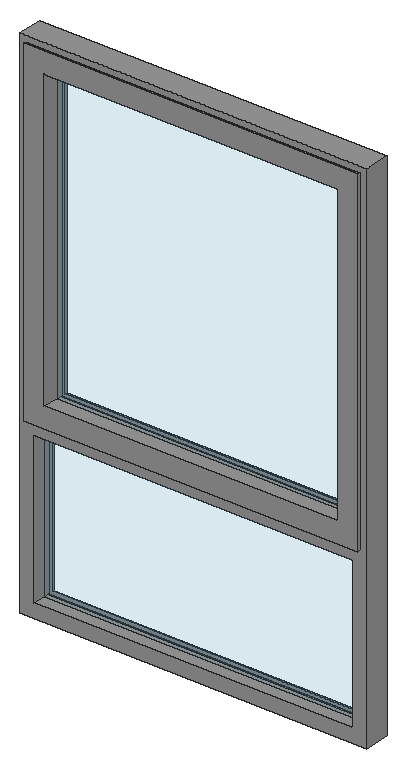
Revit family "Kawneer_Window_GT70s_Pos002", category Windows, host Wall, Revit 2020 (continued)
Definition of nested family "Kawneer_GT70s_Pos002"
  Definition of nested family "Kawneer_GT70s_Jamb2"
    Lines and regions (mm)
      model lines, in view "Ref. Level", detail levels fine
        curve 989: line (-33.915, -69.358, 0) -> (-34.458, -68.815, 0)
        curve 990: line (-34.598, -67.912, 0) -> (-35.361, -67.912, 0)
        curve 991: line (-35.361, -67.912, 0) -> (-37.261, -66.012, 0)
        curve 992: line (-37.383, -68.012, 0) -> (-39.383, -66.012, 0)
        curve 993: line (-39.383, -66.012, 0) -> (-32.398, -66.012, 0)
        curve 994: line (-39.356, -68.16, 0) -> (-40.717, -66.799, 0)
        curve 995: line (-39.227, -70.41, 0) -> (-41.866, -67.771, 0)
        curve 996: line (-39.802, -71.956, 0) -> (-40.887, -70.872, 0)
        curve 997: line (-38.511, -66.012, 0) -> (-42.124, -69.634, 0)
        curve 998: line (-42.124, -69.634, 0) -> (-44.203, -67.555, 0)
        curve 999: line (-44.203, -67.555, 0) -> (-45.404, -68.662, 0)
        curve 1000: line (-45.147, -68.733, 0) -> (-46.532, -67.348, 0)
        curve 1001: line (-46.532, -67.348, 0) -> (-41.433, -67.81, 0)
        curve 1002: line (-46.94, -68.077, 0) -> (-46.238, -67.374, 0)
        curve 1003: line (-43.738, -69.117, 0) -> (-42.348, -67.727, 0)
        curve 1004: line (-41.022, -70.644, 0) -> (-39.344, -68.966, 0)
        curve 1005: line (-40.096, -71.839, 0) -> (-39.185, -70.929, 0)
        curve 1006: line (-34.883, -70.512, 0) -> (-36.402, -68.993, 0)
        curve 1007: line (-36.398, -69.112, 0) -> (-36.431, -68.174, 0)
        curve 1008: line (-36.431, -68.174, 0) -> (-34.268, -66.012, 0)
        curve 1009: line (-36.342, -70.207, 0) -> (-35.49, -69.354, 0)
        curve 1010: line (-35.49, -69.354, 0) -> (-35.597, -68.129, 0)
        curve 1011: line (-34.512, -69.429, 0) -> (-34.411, -68.276, 0)
        curve 1012: line (-34.411, -68.276, 0) -> (-32.165, -66.03, 0)
        curve 1013: line (-34.526, -70.512, 0) -> (-33.189, -69.175, 0)
        curve 1014: line (-32.026, -68.012, 0) -> (-30.995, -66.981, 0)
        curve 1015: line (-35.284, -69.612, 0) -> (-34.711, -69.612, 0)
        curve 1016: line (-33.598, -68.312, 0) -> (-33.598, -69.112, 0)
        curve 1017: line (-33.598, -69.112, 0) -> (-32.948, -69.212, 0)
        curve 1018: line (-32.948, -69.212, 0) -> (-32.948, -69.626, 0)
        curve 1019: line (-32.948, -69.626, 0) -> (-34.003, -70.512, 0)
        curve 1020: line (-34.003, -70.512, 0) -> (-35.974, -70.512, 0)
        curve 1021: line (-35.974, -70.512, 0) -> (-36.684, -69.924, 0)
        curve 1022: line (-36.698, -68.012, 0) -> (-39.097, -68.012, 0)
        curve 1023: line (-39.396, -68.336, 0) -> (-39.098, -72.012, 0)
        curve 1024: line (-39.098, -72.012, 0) -> (-39.397, -72.012, 0)
        curve 1025: line (-42.745, -69.388, 0) -> (-46.628, -68.329, 0)
        curve 1026: line (-30.898, -68.012, 0) -> (-33.298, -68.012, 0)
        curve 1027: line (-61.7, 8, 0) -> (-75.5, 8, 0)
        curve 1028: line (-76, 7.5, 0) -> (-76, -31.4, 0)
        curve 1029: line (-75.5, -31.9, 0) -> (-74.2, -31.9, 0)
        curve 1030: line (-73.7, -31.4, 0) -> (-73.7, -30.9, 0)
        curve 1031: line (-74.8, -29.9, 0) -> (-74.8, -6.7, 0)
        curve 1032: line (-74.3, -6.2, 0) -> (-58.85, -6.2, 0)
        curve 1033: line (-58.709, -6.541, 0) -> (-59.391, -7.224, 0)
        curve 1034: line (-59.391, -7.224, 0) -> (-59.45, -7.6, 0)
        curve 1035: line (-59.25, -7.8, 0) -> (-58.784, -7.8, 0)
        curve 1036: line (-58.534, -7.733, 0) -> (-56.903, -6.792, 0)
        curve 1037: line (-57.356, -5.1, 0) -> (-73.744, -5.1, 0)
        curve 1038: line (-74.744, -4.082, 0) -> (-74.576, 5.08, 0)
        curve 1039: line (-73.078, 6.5, 0) -> (-64.933, 6.5, 0)
        curve 1040: line (-64.5, 6.25, 0) -> (-62.97, 3.6, 0)
        curve 1041: line (-61.238, 2.6, 0) -> (-58.559, 2.6, 0)
        curve 1042: line (-58.205, 3.454, 0) -> (-58.764, 4.012, 0)
        curve 1043: line (-59.566, 3.8, 0) -> (-61.123, 3.8, 0)
        curve 1044: line (-61.989, 4.3, 0) -> (-62.999, 6.05, 0)
        curve 1045: line (-62.566, 6.8, 0) -> (-61.4, 6.8, 0)
        curve 1046: line (-61.2, 7, 0) -> (-61.2, 7.5, 0)
        curve 1047: line (-69.098, -65, 0) -> (-73.749, -69.651, 0)
        curve 1048: line (-72.119, -65.9, 0) -> (-74.219, -68, 0)
        curve 1049: line (-74.06, -65.148, 0) -> (-73.939, -65.599, 0)
        curve 1050: line (-73.939, -65.599, 0) -> (-75.836, -67.495, 0)
        curve 1051: line (-75.462, -65, 0) -> (-76.104, -65.642, 0)
        curve 1052: line (-74.902, -65, 0) -> (-70.251, -69.651, 0)
        curve 1053: line (-71.881, -65.9, 0) -> (-69.781, -68, 0)
        curve 1054: line (-69.94, -65.148, 0) -> (-70.061, -65.599, 0)
        curve 1055: line (-70.061, -65.599, 0) -> (-68.164, -67.495, 0)
        curve 1056: line (-68.538, -65, 0) -> (-67.896, -65.642, 0)
        curve 1057: line (-73.914, -69.415, 0) -> (-73.494, -70.015, 0)
        curve 1058: line (-73.33, -70.1, 0) -> (-72.765, -70.1, 0)
        curve 1059: line (-72.592, -70, 0) -> (-72.173, -69.274, 0)
        curve 1060: line (-71.827, -69.274, 0) -> (-71.408, -70, 0)
        curve 1061: line (-71.235, -70.1, 0) -> (-70.67, -70.1, 0)
        curve 1062: line (-70.506, -70.015, 0) -> (-70.086, -69.415, 0)
        curve 1063: line (-68.211, -67.817, 0) -> (-67.835, -65.217, 0)
        curve 1064: line (-68.034, -65, 0) -> (-69.747, -65, 0)
        curve 1065: line (-70.295, -65.9, 0) -> (-73.706, -65.9, 0)
        curve 1066: line (-74.253, -65, 0) -> (-75.966, -65, 0)
        curve 1067: line (-76.165, -65.217, 0) -> (-75.789, -67.817, 0)
        curve 1068: line (-67.73, -35.602, 0) -> (-69.021, -37.005, 0)
        curve 1069: line (-69.021, -37.005, 0) -> (-73.669, -32.005, 0)
        curve 1070: line (-69.834, -33.277, 0) -> (-71.692, -35.297, 0)
        curve 1071: line (-72.411, -31.466, 0) -> (-75.357, -34.668, 0)
        curve 1072: line (-75.357, -34.668, 0) -> (-74.061, -36.19, 0)
        curve 1073: line (-75.827, -35.18, 0) -> (-77.507, -37.005, 0)
        curve 1074: line (-77.507, -37.005, 0) -> (-78.826, -35.622, 0)
        curve 1075: line (-75.028, -32.005, 0) -> (-77.687, -34.896, 0)
        curve 1076: line (-78.002, -35.238, 0) -> (-79.562, -36.934, 0)
        curve 1077: line (-76.112, -30.877, 0) -> (-78.428, -33.395, 0)
        curve 1078: line (-79.278, -35.131, 0) -> (-78.981, -35.453, 0)
        curve 1079: line (-78.525, -33.644, 0) -> (-77.494, -34.765, 0)
        curve 1080: line (-78.02, -31.887, 0) -> (-76.304, -33.752, 0)
        curve 1081: line (-77.381, -30.276, 0) -> (-72.925, -35.119, 0)
        curve 1082: line (-71.833, -31.694, 0) -> (-67.1, -36.839, 0)
      detail lines, in view "Ref. Level", detail levels coarse+medium
        curve 1083: line (0, -72, 0) -> (0, 0, 0)
        curve 1084: line (0, 0, 0) -> (-18, 0, 0)
        curve 1085: line (-18, 0, 0) -> (-18, 8, 0)
        curve 1086: line (-18, 8, 0) -> (-76, 8, 0)
        curve 1087: line (-76, 8, 0) -> (-76, -37, 0)
        curve 1088: line (-76, -37, 0) -> (-66.998, -37, 0)
        curve 1089: line (-66.998, -37, 0) -> (-66.998, -65, 0)
        curve 1090: line (-66.998, -65, 0) -> (-76, -65, 0)
        curve 1091: line (-76, -65, 0) -> (-76, -72, 0)
        curve 1092: line (-76, -72, 0) -> (0, -72, 0)
  Definition of nested family "Kawneer_GT70s_JambFixed"
    Reference planes
      plane 1 "Center (Front/Back)": y = 0
      plane 2: z = 0
      plane 3 "Center (Left/Right)": x = 0
      plane 4: x = -39
      plane 5: x = -29
      plane 6: y = -37
      plane 7: y = -65
      plane 8: y = -72
    Lines and regions (mm)
      model lines, in view "Ref. Level", detail levels fine
        curve 1: arc (-15.5, -1.4, 0) -> (-15.641, -1.459, 0) -> (-15.7, -1.6, 0) r 0.2
        curve 2: arc (-15.7, -1.6, 0) -> (-15.759, -1.741, 0) -> (-15.9, -1.8, 0) r 0.2
        curve 3: arc (-17, -1.8, 0) -> (-17.141, -1.859, 0) -> (-17.2, -2, 0) r 0.2
        curve 4: arc (-17.2, -3.013, 0) -> (-17.259, -3.154, 0) -> (-17.4, -3.213, 0) r 0.2
        curve 5: arc (-17.4, -3.213, 0) -> (-17.541, -3.271, 0) -> (-17.6, -3.413, 0) r 0.2
        curve 6: arc (-17.6, -15.2, 0) -> (-17.541, -15.341, 0) -> (-17.4, -15.4, 0) r 0.2
        curve 7: arc (-17.4, -15.4, 0) -> (-17.259, -15.459, 0) -> (-17.2, -15.6, 0) r 0.2
        curve 8: arc (-17.2, -16.5, 0) -> (-17.141, -16.641, 0) -> (-17, -16.7, 0) r 0.2
        curve 9: arc (-16.273, -16.7, 0) -> (-16.173, -16.727, 0) -> (-16.1, -16.8, 0) r 0.2
        curve 10: arc (-16.1, -16.8, 0) -> (-16.027, -16.873, 0) -> (-15.927, -16.9, 0) r 0.2
        curve 11: arc (-8.073, -16.9, 0) -> (-7.973, -16.873, 0) -> (-7.9, -16.8, 0) r 0.2
        curve 12: arc (-7.9, -16.8, 0) -> (-7.827, -16.727, 0) -> (-7.727, -16.7, 0) r 0.2
        curve 13: arc (-7, -16.7, 0) -> (-6.859, -16.641, 0) -> (-6.8, -16.5, 0) r 0.2
        curve 14: arc (-6.8, -15.6, 0) -> (-6.741, -15.459, 0) -> (-6.6, -15.4, 0) r 0.2
        curve 15: arc (-6.6, -15.4, 0) -> (-6.459, -15.341, 0) -> (-6.4, -15.2, 0) r 0.2
        curve 16: arc (-6.4, -3.413, 0) -> (-6.459, -3.271, 0) -> (-6.6, -3.213, 0) r 0.2
        curve 17: arc (-6.6, -3.213, 0) -> (-6.741, -3.154, 0) -> (-6.8, -3.013, 0) r 0.2
        curve 18: arc (-6.8, -2, 0) -> (-6.859, -1.859, 0) -> (-7, -1.8, 0) r 0.2
        curve 19: arc (-8.1, -1.8, 0) -> (-8.241, -1.741, 0) -> (-8.3, -1.6, 0) r 0.2
        curve 20: arc (-8.3, -1.6, 0) -> (-8.359, -1.459, 0) -> (-8.5, -1.4, 0) r 0.2
        curve 21: arc (-0.5, 0, 0) -> (-0.146, -0.146, 0) -> (0, -0.5, 0) r 0.5
        curve 22: arc (0, -2.342, 0) -> (-0.333, -3.447, 0) -> (-1.222, -4.184, 0) r 2
        curve 23: arc (-1.222, -4.184, 0) -> (-1.411, -4.167, 0) -> (-1.5, -4, 0) r 0.2
        curve 24: arc (-1.5, -2.3, 0) -> (-1.646, -1.946, 0) -> (-2, -1.8, 0) r 0.5
        curve 25: arc (-4.5, -1.8, 0) -> (-4.854, -1.946, 0) -> (-5, -2.3, 0) r 0.5
        curve 26: arc (-5, -15.8, 0) -> (-4.854, -16.154, 0) -> (-4.5, -16.3, 0) r 0.5
        curve 27: arc (-2, -16.3, 0) -> (-1.646, -16.154, 0) -> (-1.5, -15.8, 0) r 0.5
        curve 28: arc (-1.5, -14.4, 0) -> (-1.406, -14.23, 0) -> (-1.212, -14.22, 0) r 0.2
        curve 29: arc (-1.212, -14.22, 0) -> (-0.474, -14.884, 0) -> (-0.2, -15.839, 0) r 1.8
        curve 30: arc (-0.2, -18.6, 0) -> (-0.493, -19.307, 0) -> (-1.2, -19.6, 0) r 1
        curve 31: arc (-1.3, -19.6, 0) -> (-1.441, -19.541, 0) -> (-1.5, -19.4, 0) r 0.2
        curve 32: arc (-1.5, -18.2, 0) -> (-1.559, -18.059, 0) -> (-1.7, -18, 0) r 0.2
        curve 33: arc (-4.3, -18, 0) -> (-4.795, -18.205, 0) -> (-5, -18.7, 0) r 0.7
        curve 34: arc (-5, -21.367, 0) -> (-5.15, -21.627, 0) -> (-5.45, -21.627, 0) r 0.3
        curve 35: arc (-7.18, -20.628, 0) -> (-7.288, -20.366, 0) -> (-7.027, -20.258, 0) r 0.2
        curve 36: arc (-6.413, -18.777, 0) -> (-6.432, -18.589, 0) -> (-6.598, -18.5, 0) r 0.2
        curve 37: arc (-10.2, -18.5, 0) -> (-10.341, -18.559, 0) -> (-10.4, -18.7, 0) r 0.2
        curve 38: arc (-9.614, -20.602, 0) -> (-9.384, -20.785, 0) -> (-9.584, -21, 0) r 0.2
        curve 39: arc (-9.961, -21, 0) -> (-10.754, -20.893, 0) -> (-11.49, -20.581, 0) r 3
        curve 40: arc (-11.49, -20.581, 0) -> (-12, -20.441, 0) -> (-12.51, -20.581, 0) r 1
        curve 41: arc (-12.51, -20.581, 0) -> (-13.246, -20.893, 0) -> (-14.039, -21, 0) r 3
        curve 42: arc (-14.416, -21, 0) -> (-14.615, -20.782, 0) -> (-14.381, -20.603, 0) r 0.2
        curve 43: arc (-13.6, -18.7, 0) -> (-13.659, -18.559, 0) -> (-13.8, -18.5, 0) r 0.2
        curve 44: arc (-17.402, -18.5, 0) -> (-17.568, -18.589, 0) -> (-17.587, -18.777, 0) r 0.2
        curve 45: arc (-16.973, -20.258, 0) -> (-16.712, -20.366, 0) -> (-16.82, -20.628, 0) r 0.2
        curve 46: arc (-18.55, -21.627, 0) -> (-18.85, -21.627, 0) -> (-19, -21.367, 0) r 0.3
        curve 47: arc (-19, -18.7, 0) -> (-19.205, -18.205, 0) -> (-19.7, -18, 0) r 0.7
        curve 48: arc (-22.3, -18, 0) -> (-22.441, -18.059, 0) -> (-22.5, -18.2, 0) r 0.2
        curve 49: arc (-22.5, -19.4, 0) -> (-22.559, -19.541, 0) -> (-22.7, -19.6, 0) r 0.2
        curve 50: arc (-22.8, -19.6, 0) -> (-23.507, -19.307, 0) -> (-23.8, -18.6, 0) r 1
        curve 51: arc (-23.8, -15.839, 0) -> (-23.513, -14.864, 0) -> (-22.745, -14.2, 0) r 1.8
        curve 52: arc (-22.788, -14.22, 0) -> (-22.594, -14.23, 0) -> (-22.5, -14.4, 0) r 0.2
        curve 53: arc (-22.5, -15.8, 0) -> (-22.354, -16.154, 0) -> (-22, -16.3, 0) r 0.5
        curve 54: arc (-19.5, -16.3, 0) -> (-19.146, -16.154, 0) -> (-19, -15.8, 0) r 0.5
        curve 55: arc (-19, -2.3, 0) -> (-19.146, -1.946, 0) -> (-19.5, -1.8, 0) r 0.5
        curve 56: arc (-22, -1.8, 0) -> (-22.354, -1.946, 0) -> (-22.5, -2.3, 0) r 0.5
        curve 57: arc (-22.5, -4, 0) -> (-22.589, -4.167, 0) -> (-22.778, -4.184, 0) r 0.2
        curve 58: arc (-22.739, -4.2, 0) -> (-23.655, -3.464, 0) -> (-24, -2.342, 0) r 2
        curve 59: arc (-24, -0.5, 0) -> (-23.854, -0.146, 0) -> (-23.5, 0, 0) r 0.5
        curve 60: arc (-15.25, -35.5, 0) -> (-15.674, -35.324, 0) -> (-15.85, -34.9, 0) r 0.6
        curve 61: arc (-15.85, -34.9, 0) -> (-15.674, -34.476, 0) -> (-15.25, -34.3, 0) r 0.6
        curve 62: arc (-6.964, -34.3, 0) -> (-6.608, -34.151, 0) -> (-6.464, -33.794, 0) r 0.5
        curve 63: arc (-6.464, -33.794, 0) -> (-6.545, -30.287, 0) -> (-6.697, -26.783, 0) r 172.05
        curve 64: arc (-6.697, -26.783, 0) -> (-6.905, -25.843, 0) -> (-7.395, -25.015, 0) r 3.049
        curve 65: arc (-8.779, -23.365, 0) -> (-9.328, -22.473, 0) -> (-9.481, -21.437, 0) r 2.599
        curve 66: arc (-9.481, -20.971, 0) -> (-9.498, -20.844, 0) -> (-9.548, -20.726, 0) r 0.5
        curve 67: arc (-10.4, -18.7, 0) -> (-10.341, -18.559, 0) -> (-10.2, -18.5, 0) r 0.2
        curve 68: arc (-9.179, -18.5, 0) -> (-8.92, -18.65, 0) -> (-8.92, -18.95, 0) r 0.3
        curve 69: arc (-8.92, -18.95, 0) -> (-8.4, -19.85, 0) -> (-7.88, -18.95, 0) r 0.6
        curve 70: arc (-7.88, -18.95, 0) -> (-7.88, -18.65, 0) -> (-7.621, -18.5, 0) r 0.3
        curve 71: arc (-6.8, -18.5, 0) -> (-6.659, -18.559, 0) -> (-6.6, -18.7, 0) r 0.2
        curve 72: arc (-7.103, -20.871, 0) -> (-6.886, -21.58, 0) -> (-6.355, -22.099, 0) r 1.5
        curve 73: arc (-5.55, -22.564, 0) -> (-5.184, -22.93, 0) -> (-5.05, -23.43, 0) r 1
        curve 74: arc (-5.05, -48.57, 0) -> (-5.184, -49.07, 0) -> (-5.55, -49.436, 0) r 1
        curve 75: arc (-6.355, -49.901, 0) -> (-6.886, -50.42, 0) -> (-7.103, -51.129, 0) r 1.5
        curve 76: arc (-6.6, -53.3, 0) -> (-6.659, -53.441, 0) -> (-6.8, -53.5, 0) r 0.2
        curve 77: arc (-7.621, -53.5, 0) -> (-7.88, -53.35, 0) -> (-7.88, -53.05, 0) r 0.3
        curve 78: arc (-7.88, -53.05, 0) -> (-8.4, -52.15, 0) -> (-8.92, -53.05, 0) r 0.6
        curve 79: arc (-8.92, -53.05, 0) -> (-8.92, -53.35, 0) -> (-9.179, -53.5, 0) r 0.3
        curve 80: arc (-10.2, -53.5, 0) -> (-10.341, -53.441, 0) -> (-10.4, -53.3, 0) r 0.2
        curve 81: arc (-9.548, -51.274, 0) -> (-9.498, -51.153, 0) -> (-9.481, -51.024, 0) r 0.5
        curve 82: arc (-9.481, -50.566, 0) -> (-9.301, -49.539, 0) -> (-8.78, -48.636, 0) r 2.996
        curve 83: arc (-7.395, -46.986, 0) -> (-6.902, -46.158, 0) -> (-6.697, -45.216, 0) r 3.002
        curve 84: arc (-6.697, -45.216, 0) -> (-6.512, -40.61, 0) -> (-6.45, -36, 0) r 172.47
        curve 85: arc (-6.45, -36, 0) -> (-6.596, -35.646, 0) -> (-6.95, -35.5, 0) r 0.5
        curve 86: arc (-8.15, -36.5, 0) -> (-7.726, -36.676, 0) -> (-7.55, -37.1, 0) r 0.6
        curve 87: arc (-7.55, -37.1, 0) -> (-7.726, -37.524, 0) -> (-8.15, -37.7, 0) r 0.6
        curve 88: arc (-17.036, -37.7, 0) -> (-17.392, -37.849, 0) -> (-17.536, -38.206, 0) r 0.5
        curve 89: arc (-17.536, -38.206, 0) -> (-17.455, -41.713, 0) -> (-17.303, -45.217, 0) r 172.05
        curve 90: arc (-17.303, -45.217, 0) -> (-17.095, -46.157, 0) -> (-16.605, -46.985, 0) r 3.049
        curve 91: arc (-15.221, -48.635, 0) -> (-14.672, -49.527, 0) -> (-14.519, -50.563, 0) r 2.599
        curve 92: arc (-14.519, -51.029, 0) -> (-14.502, -51.156, 0) -> (-14.452, -51.274, 0) r 0.5
        curve 93: arc (-13.6, -53.3, 0) -> (-13.659, -53.441, 0) -> (-13.8, -53.5, 0) r 0.2
        curve 94: arc (-14.821, -53.5, 0) -> (-15.08, -53.35, 0) -> (-15.08, -53.05, 0) r 0.3
        curve 95: arc (-15.08, -53.05, 0) -> (-15.6, -52.15, 0) -> (-16.12, -53.05, 0) r 0.6
        curve 96: arc (-16.12, -53.05, 0) -> (-16.12, -53.35, 0) -> (-16.379, -53.5, 0) r 0.3
        curve 97: arc (-17.2, -53.5, 0) -> (-17.341, -53.441, 0) -> (-17.4, -53.3, 0) r 0.2
        curve 98: arc (-16.897, -51.129, 0) -> (-17.114, -50.42, 0) -> (-17.645, -49.901, 0) r 1.5
        curve 99: arc (-18.45, -49.436, 0) -> (-18.816, -49.07, 0) -> (-18.95, -48.57, 0) r 1
        curve 100: arc (-18.95, -46.5, 0) -> (-19.093, -46.143, 0) -> (-19.45, -46, 0) r 0.49
        curve 101: arc (-22.15, -46, 0) -> (-22.362, -46.088, 0) -> (-22.45, -46.3, 0) r 0.3
        curve 102: arc (-22.45, -46.9, 0) -> (-22.596, -47.254, 0) -> (-22.95, -47.4, 0) r 0.5
        curve 103: arc (-22.95, -47.4, 0) -> (-23.304, -47.254, 0) -> (-23.45, -46.9, 0) r 0.5
        curve 104: arc (-23.45, -43.9, 0) -> (-23.303, -43.547, 0) -> (-22.95, -43.4, 0) r 0.502
        curve 105: arc (-22.95, -43.4, 0) -> (-22.596, -43.546, 0) -> (-22.45, -43.9, 0) r 0.5
        curve 106: arc (-22.45, -44.5, 0) -> (-22.362, -44.712, 0) -> (-22.15, -44.8, 0) r 0.3
        curve 107: arc (-19.45, -44.8, 0) -> (-19.096, -44.654, 0) -> (-18.95, -44.3, 0) r 0.5
        curve 108: arc (-18.95, -23.43, 0) -> (-18.816, -22.93, 0) -> (-18.45, -22.564, 0) r 1
        curve 109: arc (-17.645, -22.099, 0) -> (-17.114, -21.58, 0) -> (-16.897, -20.871, 0) r 1.5
        curve 110: arc (-17.4, -18.7, 0) -> (-17.341, -18.559, 0) -> (-17.2, -18.5, 0) r 0.2
        curve 111: arc (-16.379, -18.5, 0) -> (-16.12, -18.65, 0) -> (-16.12, -18.95, 0) r 0.3
        curve 112: arc (-16.12, -18.95, 0) -> (-15.6, -19.85, 0) -> (-15.08, -18.95, 0) r 0.6
        curve 113: arc (-15.08, -18.95, 0) -> (-15.08, -18.65, 0) -> (-14.821, -18.5, 0) r 0.3
        curve 114: arc (-13.8, -18.5, 0) -> (-13.659, -18.559, 0) -> (-13.6, -18.7, 0) r 0.2
        curve 115: arc (-14.452, -20.726, 0) -> (-14.502, -20.844, 0) -> (-14.519, -20.971, 0) r 0.5
        curve 116: arc (-14.519, -21.437, 0) -> (-14.7, -22.462, 0) -> (-15.22, -23.364, 0) r 2.996
        curve 117: arc (-16.605, -25.014, 0) -> (-17.098, -25.842, 0) -> (-17.303, -26.784, 0) r 3.002
        curve 118: arc (-17.303, -26.784, 0) -> (-17.488, -31.39, 0) -> (-17.55, -36, 0) r 172.47
        curve 119: arc (-17.55, -36, 0) -> (-17.404, -36.354, 0) -> (-17.05, -36.5, 0) r 0.5
        curve 120: arc (-8.5, -70.6, 0) -> (-8.359, -70.541, 0) -> (-8.3, -70.4, 0) r 0.2
        curve 121: arc (-8.3, -70.4, 0) -> (-8.241, -70.259, 0) -> (-8.1, -70.2, 0) r 0.2
        curve 122: arc (-7, -70.2, 0) -> (-6.859, -70.141, 0) -> (-6.8, -70, 0) r 0.2
        curve 123: arc (-6.8, -68.9, 0) -> (-6.741, -68.759, 0) -> (-6.6, -68.7, 0) r 0.2
        curve 124: arc (-6.6, -68.7, 0) -> (-6.459, -68.641, 0) -> (-6.4, -68.5, 0) r 0.2
        curve 125: arc (-6.4, -57, 0) -> (-6.459, -56.859, 0) -> (-6.6, -56.8, 0) r 0.2
        curve 126: arc (-6.6, -56.8, 0) -> (-6.741, -56.741, 0) -> (-6.8, -56.6, 0) r 0.2
        curve 127: arc (-6.8, -55.5, 0) -> (-6.859, -55.359, 0) -> (-7, -55.3, 0) r 0.2
        curve 128: arc (-8.1, -55.3, 0) -> (-8.2, -55.273, 0) -> (-8.273, -55.2, 0) r 0.2
        curve 129: arc (-8.273, -55.2, 0) -> (-8.346, -55.127, 0) -> (-8.446, -55.1, 0) r 0.2
        curve 130: arc (-15.554, -55.1, 0) -> (-15.654, -55.127, 0) -> (-15.727, -55.2, 0) r 0.2
        curve 131: arc (-15.727, -55.2, 0) -> (-15.8, -55.273, 0) -> (-15.9, -55.3, 0) r 0.2
        curve 132: arc (-17, -55.3, 0) -> (-17.141, -55.359, 0) -> (-17.2, -55.5, 0) r 0.2
        curve 133: arc (-17.2, -56.6, 0) -> (-17.259, -56.741, 0) -> (-17.4, -56.8, 0) r 0.2
        curve 134: arc (-17.4, -56.8, 0) -> (-17.541, -56.859, 0) -> (-17.6, -57, 0) r 0.2
        curve 135: arc (-17.6, -68.5, 0) -> (-17.541, -68.641, 0) -> (-17.4, -68.7, 0) r 0.2
        curve 136: arc (-17.4, -68.7, 0) -> (-17.259, -68.759, 0) -> (-17.2, -68.9, 0) r 0.2
        curve 137: arc (-17.2, -70, 0) -> (-17.141, -70.141, 0) -> (-17, -70.2, 0) r 0.2
        curve 138: arc (-15.9, -70.2, 0) -> (-15.759, -70.259, 0) -> (-15.7, -70.4, 0) r 0.2
        curve 139: arc (-15.7, -70.4, 0) -> (-15.641, -70.541, 0) -> (-15.5, -70.6, 0) r 0.2
        curve 140: arc (-38.5, -72, 0) -> (-38.854, -71.854, 0) -> (-39, -71.5, 0) r 0.5
        curve 141: arc (-39, -68.5, 0) -> (-38.854, -68.146, 0) -> (-38.5, -68, 0) r 0.5
        curve 142: arc (-37, -68, 0) -> (-36.646, -68.146, 0) -> (-36.5, -68.5, 0) r 0.5
        curve 143: arc (-36.5, -68.8, 0) -> (-36.559, -68.941, 0) -> (-36.7, -69, 0) r 0.2
        curve 144: arc (-37.3, -69, 0) -> (-37.654, -69.146, 0) -> (-37.8, -69.5, 0) r 0.5
        curve 145: arc (-37.8, -70.1, 0) -> (-37.654, -70.454, 0) -> (-37.3, -70.6, 0) r 0.5
        curve 146: arc (-32.7, -70.6, 0) -> (-32.346, -70.454, 0) -> (-32.2, -70.1, 0) r 0.5
        curve 147: arc (-32.2, -69.5, 0) -> (-32.346, -69.146, 0) -> (-32.7, -69, 0) r 0.5
        curve 148: arc (-33.3, -69, 0) -> (-33.441, -68.941, 0) -> (-33.5, -68.8, 0) r 0.2
        curve 149: arc (-33.5, -68.5, 0) -> (-33.354, -68.146, 0) -> (-33, -68, 0) r 0.5
        curve 150: arc (-29.9, -68, 0) -> (-29.5, -68.4, 0) -> (-29.9, -68.8, 0) r 0.4
        curve 151: arc (-30.8, -68.8, 0) -> (-30.941, -68.859, 0) -> (-31, -69, 0) r 0.2
        curve 152: arc (-31, -69.9, 0) -> (-30.854, -70.254, 0) -> (-30.5, -70.4, 0) r 0.5
        curve 153: arc (-19.489, -70.211, 0) -> (-19.143, -70.061, 0) -> (-19, -69.711, 0) r 0.5
        curve 154: arc (-19, -56.2, 0) -> (-19.146, -55.846, 0) -> (-19.5, -55.7, 0) r 0.5
        curve 155: arc (-22.3, -55.7, 0) -> (-22.441, -55.759, 0) -> (-22.5, -55.9, 0) r 0.2
        curve 156: arc (-22.5, -57.094, 0) -> (-22.559, -57.235, 0) -> (-22.7, -57.294, 0) r 0.2
        curve 157: arc (-22.7, -57.294, 0) -> (-23.266, -57.059, 0) -> (-23.5, -56.494, 0) r 0.8
        curve 158: arc (-23.5, -53.3, 0) -> (-23, -52.8, 0) -> (-22.5, -53.3, 0) r 0.5
        curve 159: arc (-22.5, -53.9, 0) -> (-22.412, -54.112, 0) -> (-22.2, -54.2, 0) r 0.3
        curve 160: arc (-19.7, -54.2, 0) -> (-19.205, -53.995, 0) -> (-19, -53.5, 0) r 0.7
        curve 161: arc (-19, -50.633, 0) -> (-18.85, -50.373, 0) -> (-18.55, -50.373, 0) r 0.3
        curve 162: arc (-16.82, -51.372, 0) -> (-16.712, -51.634, 0) -> (-16.973, -51.742, 0) r 0.2
        curve 163: arc (-17.587, -53.223, 0) -> (-17.568, -53.411, 0) -> (-17.402, -53.5, 0) r 0.2
        curve 164: arc (-13.8, -53.5, 0) -> (-13.659, -53.441, 0) -> (-13.6, -53.3, 0) r 0.2
        curve 165: arc (-14.386, -51.398, 0) -> (-14.616, -51.215, 0) -> (-14.416, -51, 0) r 0.2
        curve 166: arc (-14.039, -51, 0) -> (-13.246, -51.107, 0) -> (-12.51, -51.419, 0) r 3
        curve 167: arc (-12.51, -51.419, 0) -> (-12, -51.559, 0) -> (-11.49, -51.419, 0) r 1
        curve 168: arc (-11.49, -51.419, 0) -> (-10.754, -51.107, 0) -> (-9.961, -51, 0) r 3
        curve 169: arc (-9.584, -51, 0) -> (-9.385, -51.217, 0) -> (-9.618, -51.397, 0) r 0.2
        curve 170: arc (-10.4, -53.3, 0) -> (-10.341, -53.441, 0) -> (-10.2, -53.5, 0) r 0.2
        curve 171: arc (-6.598, -53.5, 0) -> (-6.432, -53.411, 0) -> (-6.413, -53.223, 0) r 0.2
        curve 172: arc (-7.027, -51.742, 0) -> (-7.288, -51.634, 0) -> (-7.18, -51.372, 0) r 0.2
        curve 173: arc (-5.45, -50.373, 0) -> (-5.15, -50.373, 0) -> (-5, -50.633, 0) r 0.3
        curve 174: arc (-5, -53.3, 0) -> (-4.795, -53.795, 0) -> (-4.3, -54, 0) r 0.7
        curve 175: arc (-1.7, -54, 0) -> (-1.559, -53.941, 0) -> (-1.5, -53.8, 0) r 0.2
        curve 176: arc (-1.5, -52.6, 0) -> (-1.441, -52.459, 0) -> (-1.3, -52.4, 0) r 0.2
        curve 177: arc (-1.2, -52.4, 0) -> (-0.493, -52.693, 0) -> (-0.2, -53.4, 0) r 1
        curve 178: arc (-0.2, -56.161, 0) -> (-0.474, -57.116, 0) -> (-1.212, -57.78, 0) r 1.8
        curve 179: arc (-1.212, -57.78, 0) -> (-1.406, -57.77, 0) -> (-1.5, -57.6, 0) r 0.2
        curve 180: arc (-1.5, -56.2, 0) -> (-1.646, -55.846, 0) -> (-2, -55.7, 0) r 0.5
        curve 181: arc (-4.5, -55.7, 0) -> (-4.854, -55.846, 0) -> (-5, -56.2, 0) r 0.5
        curve 182: arc (-5, -69.7, 0) -> (-4.854, -70.054, 0) -> (-4.5, -70.2, 0) r 0.5
        curve 183: arc (-2, -70.2, 0) -> (-1.646, -70.054, 0) -> (-1.5, -69.7, 0) r 0.5
        curve 184: arc (-1.5, -68, 0) -> (-1.411, -67.833, 0) -> (-1.222, -67.816, 0) r 0.2
        curve 185: arc (-1.222, -67.816, 0) -> (-0.333, -68.553, 0) -> (0, -69.658, 0) r 2
        curve 186: arc (0, -71.5, 0) -> (-0.146, -71.854, 0) -> (-0.5, -72, 0) r 0.5
        curve 187: arc (-19, -63.646, 0) -> (-19.146, -63.293, 0) -> (-19.5, -63.146, 0) r 0.5
        curve 188: arc (-24, -62.646, 0) -> (-23.854, -63, 0) -> (-23.5, -63.146, 0) r 0.5
        curve 189: arc (-23.5, -51.646, 0) -> (-23.854, -51.793, 0) -> (-24, -52.146, 0) r 0.5
        curve 190: arc (-19.5, -51.646, 0) -> (-19.146, -51.5, 0) -> (-19, -51.146, 0) r 0.5
        curve 191: arc (-24, -49.146, 0) -> (-23.854, -49.5, 0) -> (-23.5, -49.646, 0) r 0.5
        curve 192: arc (-19, -50.146, 0) -> (-19.146, -49.793, 0) -> (-19.5, -49.646, 0) r 0.5
        curve 193: arc (-19.5, -22.646, 0) -> (-19.146, -22.5, 0) -> (-19, -22.146, 0) r 0.5
        curve 194: arc (-23.5, -22.646, 0) -> (-23.854, -22.793, 0) -> (-24, -23.146, 0) r 0.5
        curve 195: arc (-19.001, -18.671, 0) -> (-19.138, -18.302, 0) -> (-19.5, -18.146, 0) r 0.5
        curve 196: arc (-21, -18.146, 0) -> (-21.354, -18.293, 0) -> (-21.5, -18.646, 0) r 0.5
        curve 197: arc (-22, -20.646, 0) -> (-21.646, -20.5, 0) -> (-21.5, -20.146, 0) r 0.5
        curve 198: arc (-22.188, -3.988, 0) -> (-21.976, -3.9, 0) -> (-21.764, -3.988, 0) r 0.3
        curve 199: arc (-21.205, -4.546, 0) -> (-21.097, -5.091, 0) -> (-21.559, -5.4, 0) r 0.5
        curve 200: arc (-24.238, -5.4, 0) -> (-25.238, -5.132, 0) -> (-25.97, -4.4, 0) r 2
        curve 201: arc (-27.5, -1.75, 0) -> (-27.683, -1.567, 0) -> (-27.933, -1.5, 0) r 0.5
        curve 202: arc (-36.078, -1.5, 0) -> (-37.11, -1.911, 0) -> (-37.576, -2.92, 0) r 1.5
        curve 203: arc (-37.744, -12.082, 0) -> (-37.458, -12.801, 0) -> (-36.744, -13.1, 0) r 1
        curve 204: arc (-20.356, -13.1, 0) -> (-19.481, -13.772, 0) -> (-19.903, -14.792, 0) r 0.906
        curve 205: arc (-21.534, -15.733, 0) -> (-21.655, -15.783, 0) -> (-21.784, -15.8, 0) r 0.5
        curve 206: arc (-22.25, -15.8, 0) -> (-22.391, -15.741, 0) -> (-22.45, -15.6, 0) r 0.2
        curve 207: arc (-21.709, -14.541, 0) -> (-21.665, -14.323, 0) -> (-21.85, -14.2, 0) r 0.2
        curve 208: arc (-37.3, -14.2, 0) -> (-37.654, -14.346, 0) -> (-37.8, -14.7, 0) r 0.5
        curve 209: arc (-37.8, -28.9, 0) -> (-37.654, -29.254, 0) -> (-37.3, -29.4, 0) r 0.5
        curve 210: arc (-37.2, -29.4, 0) -> (-36.846, -29.546, 0) -> (-36.7, -29.9, 0) r 0.5
        curve 211: arc (-36.7, -30.4, 0) -> (-36.846, -30.754, 0) -> (-37.2, -30.9, 0) r 0.5
        curve 212: arc (-38.5, -30.9, 0) -> (-38.854, -30.754, 0) -> (-39, -30.4, 0) r 0.5
        curve 213: arc (-39, -0.5, 0) -> (-38.854, -0.146, 0) -> (-38.5, 0, 0) r 0.5
        curve 214: arc (-24.7, 0, 0) -> (-24.346, -0.146, 0) -> (-24.2, -0.5, 0) r 0.5
        curve 215: arc (-24.2, -1, 0) -> (-24.259, -1.141, 0) -> (-24.4, -1.2, 0) r 0.2
        curve 216: arc (-25.566, -1.2, 0) -> (-25.999, -1.45, 0) -> (-25.999, -1.95, 0) r 0.5
        curve 217: arc (-24.989, -3.7, 0) -> (-24.623, -4.066, 0) -> (-24.123, -4.2, 0) r 1
        curve 218: arc (-22.566, -4.2, 0) -> (-22.413, -4.17, 0) -> (-22.283, -4.083, 0) r 0.4
        curve 219: spline (-36.891, -35.351, 0) -> (-37.086, -35.603, 0) -> (-37.298, -35.838, 0) -> (-37.527, -36.055, 0) -> (-37.77, -36.253, 0) -> (-38.026, -36.43, 0) -> (-38.295, -36.586, 0) -> (-38.574, -36.719, 0) -> (-38.861, -36.83, 0) -> (-39.156, -36.916, 0) -> (-39.456, -36.978, 0) -> (-39.759, -37.016, 0) -> (-40.064, -37.028, 0)
        curve 220: spline (-36.891, -35.351, 0) -> (-36.752, -35.2, 0) -> (-36.596, -35.069, 0) -> (-36.426, -34.96, 0) -> (-36.245, -34.876, 0) -> (-36.055, -34.816, 0) -> (-35.859, -34.784, 0) -> (-35.661, -34.778, 0) -> (-35.464, -34.799, 0) -> (-35.272, -34.847, 0) -> (-35.086, -34.921, 0) -> (-34.911, -35.02, 0) -> (-34.749, -35.142, 0)
        curve 221: spline (-29.697, -37.028, 0) -> (-30.151, -37.017, 0) -> (-30.604, -36.978, 0) -> (-31.054, -36.912, 0) -> (-31.501, -36.819, 0) -> (-31.941, -36.698, 0) -> (-32.374, -36.551, 0) -> (-32.799, -36.378, 0) -> (-33.214, -36.179, 0) -> (-33.618, -35.955, 0) -> (-34.009, -35.707, 0) -> (-34.387, -35.436, 0) -> (-34.749, -35.142, 0)
        curve 222: spline (-29.509, -35.776, 0) -> (-29.382, -35.84, 0) -> (-29.273, -35.934, 0) -> (-29.186, -36.053, 0) -> (-29.128, -36.189, 0) -> (-29.102, -36.337, 0) -> (-29.108, -36.487, 0) -> (-29.146, -36.632, 0) -> (-29.214, -36.763, 0) -> (-29.31, -36.873, 0) -> (-29.426, -36.957, 0) -> (-29.557, -37.01, 0) -> (-29.697, -37.028, 0)
        curve 223: spline (-29.509, -35.776, 0) -> (-29.816, -35.653, 0) -> (-30.115, -35.509, 0) -> (-30.404, -35.344, 0) -> (-30.683, -35.159, 0) -> (-30.95, -34.956, 0) -> (-31.204, -34.733, 0) -> (-31.444, -34.494, 0) -> (-31.668, -34.238, 0) -> (-31.877, -33.967, 0) -> (-32.068, -33.682, 0) -> (-32.242, -33.384, 0) -> (-32.397, -33.074, 0)
        curve 224: spline (-32.397, -33.074, 0) -> (-32.462, -32.932, 0) -> (-32.527, -32.789, 0) -> (-32.59, -32.645, 0) -> (-32.653, -32.501, 0) -> (-32.716, -32.357, 0) -> (-32.777, -32.213, 0) -> (-32.838, -32.068, 0) -> (-32.897, -31.922, 0) -> (-32.956, -31.776, 0) -> (-33.015, -31.63, 0) -> (-33.072, -31.484, 0) -> (-33.129, -31.337, 0)
        curve 225: spline (-33.736, -30.94, 0) -> (-33.673, -30.938, 0) -> (-33.609, -30.943, 0) -> (-33.547, -30.955, 0) -> (-33.486, -30.974, 0) -> (-33.427, -30.999, 0) -> (-33.371, -31.032, 0) -> (-33.319, -31.07, 0) -> (-33.271, -31.114, 0) -> (-33.227, -31.163, 0) -> (-33.189, -31.217, 0) -> (-33.156, -31.276, 0) -> (-33.129, -31.337, 0)
        curve 226: spline (-34.46, -31.008, 0) -> (-34.479, -31.009, 0) -> (-34.499, -31.009, 0) -> (-34.518, -31.007, 0) -> (-34.538, -31.004, 0) -> (-34.557, -31, 0) -> (-34.576, -30.994, 0) -> (-34.594, -30.987, 0) -> (-34.613, -30.979, 0) -> (-34.63, -30.969, 0) -> (-34.647, -30.959, 0) -> (-34.663, -30.947, 0) -> (-34.679, -30.934, 0)
        curve 227: spline (-35.611, -30.412, 0) -> (-35.589, -30.378, 0) -> (-35.563, -30.348, 0) -> (-35.533, -30.323, 0) -> (-35.5, -30.303, 0) -> (-35.464, -30.289, 0) -> (-35.427, -30.28, 0) -> (-35.389, -30.278, 0) -> (-35.351, -30.282, 0) -> (-35.314, -30.292, 0) -> (-35.279, -30.308, 0) -> (-35.246, -30.33, 0) -> (-35.217, -30.356, 0)
        curve 228: spline (-35.856, -30.867, 0) -> (-35.87, -30.891, 0) -> (-35.886, -30.913, 0) -> (-35.904, -30.934, 0) -> (-35.923, -30.953, 0) -> (-35.944, -30.97, 0) -> (-35.966, -30.985, 0) -> (-35.989, -30.998, 0) -> (-36.013, -31.009, 0) -> (-36.038, -31.017, 0) -> (-36.064, -31.023, 0) -> (-36.09, -31.027, 0) -> (-36.116, -31.028, 0)
        curve 229: spline (-38.894, -31.028, 0) -> (-38.936, -31.025, 0) -> (-38.976, -31.016, 0) -> (-39.015, -31.001, 0) -> (-39.052, -30.98, 0) -> (-39.085, -30.954, 0) -> (-39.115, -30.924, 0) -> (-39.141, -30.889, 0) -> (-39.162, -30.851, 0) -> (-39.178, -30.81, 0) -> (-39.189, -30.767, 0) -> (-39.194, -30.723, 0) -> (-39.193, -30.679, 0)
        curve 230: spline (-39.493, -27.975, 0) -> (-39.442, -27.935, 0) -> (-39.385, -27.908, 0) -> (-39.323, -27.894, 0) -> (-39.26, -27.895, 0) -> (-39.199, -27.909, 0) -> (-39.142, -27.937, 0) -> (-39.091, -27.977, 0) -> (-39.049, -28.027, 0) -> (-39.018, -28.085, 0) -> (-38.999, -28.149, 0) -> (-38.993, -28.216, 0) -> (-39, -28.283, 0)
        curve 231: spline (-40.487, -29.447, 0) -> (-40.428, -29.308, 0) -> (-40.364, -29.171, 0) -> (-40.296, -29.037, 0) -> (-40.223, -28.906, 0) -> (-40.146, -28.778, 0) -> (-40.065, -28.653, 0) -> (-39.979, -28.531, 0) -> (-39.89, -28.412, 0) -> (-39.796, -28.297, 0) -> (-39.699, -28.186, 0) -> (-39.598, -28.078, 0) -> (-39.493, -27.975, 0)
        curve 232: spline (-41.118, -32.084, 0) -> (-41.09, -31.859, 0) -> (-41.057, -31.634, 0) -> (-41.019, -31.41, 0) -> (-40.978, -31.187, 0) -> (-40.931, -30.965, 0) -> (-40.881, -30.744, 0) -> (-40.826, -30.524, 0) -> (-40.767, -30.306, 0) -> (-40.703, -30.089, 0) -> (-40.635, -29.873, 0) -> (-40.563, -29.659, 0) -> (-40.487, -29.447, 0)
        curve 233: spline (-41.118, -32.084, 0) -> (-41.15, -32.334, 0) -> (-41.187, -32.583, 0) -> (-41.23, -32.831, 0) -> (-41.278, -33.078, 0) -> (-41.331, -33.323, 0) -> (-41.39, -33.568, 0) -> (-41.454, -33.81, 0) -> (-41.524, -34.051, 0) -> (-41.599, -34.29, 0) -> (-41.679, -34.527, 0) -> (-41.764, -34.762, 0) -> (-41.855, -34.995, 0)
        curve 234: spline (-41.415, -35.586, 0) -> (-41.486, -35.593, 0) -> (-41.558, -35.586, 0) -> (-41.627, -35.566, 0) -> (-41.692, -35.532, 0) -> (-41.75, -35.487, 0) -> (-41.8, -35.431, 0) -> (-41.839, -35.367, 0) -> (-41.868, -35.296, 0) -> (-41.884, -35.221, 0) -> (-41.887, -35.144, 0) -> (-41.877, -35.068, 0) -> (-41.855, -34.995, 0)
        curve 235: spline (-39.268, -33.411, 0) -> (-39.353, -33.668, 0) -> (-39.458, -33.917, 0) -> (-39.583, -34.156, 0) -> (-39.726, -34.382, 0) -> (-39.887, -34.594, 0) -> (-40.064, -34.791, 0) -> (-40.255, -34.971, 0) -> (-40.461, -35.133, 0) -> (-40.678, -35.276, 0) -> (-40.906, -35.399, 0) -> (-41.143, -35.5, 0) -> (-41.387, -35.579, 0)
        curve 236: spline (-39.268, -33.411, 0) -> (-39.192, -33.241, 0) -> (-39.074, -33.101, 0) -> (-38.923, -33.005, 0) -> (-38.752, -32.96, 0) -> (-38.576, -32.969, 0) -> (-38.411, -33.033, 0) -> (-38.27, -33.145, 0) -> (-38.165, -33.297, 0) -> (-38.106, -33.474, 0) -> (-38.097, -33.662, 0) -> (-38.14, -33.845, 0) -> (-38.23, -34.007, 0)
        curve 237: spline (-38.23, -34.007, 0) -> (-38.307, -34.114, 0) -> (-38.39, -34.217, 0) -> (-38.477, -34.315, 0) -> (-38.568, -34.409, 0) -> (-38.664, -34.498, 0) -> (-38.763, -34.581, 0) -> (-38.866, -34.66, 0) -> (-38.973, -34.733, 0) -> (-39.083, -34.8, 0) -> (-39.196, -34.861, 0) -> (-39.311, -34.917, 0) -> (-39.429, -34.966, 0)
        curve 238: spline (-39.429, -34.966, 0) -> (-39.679, -35.072, 0) -> (-39.932, -35.17, 0) -> (-40.187, -35.261, 0) -> (-40.444, -35.345, 0) -> (-40.703, -35.421, 0) -> (-40.964, -35.49, 0) -> (-41.226, -35.552, 0) -> (-41.49, -35.605, 0) -> (-41.755, -35.651, 0) -> (-42.022, -35.69, 0) -> (-42.289, -35.721, 0) -> (-42.557, -35.744, 0)
        curve 239: spline (-42.517, -37.028, 0) -> (-42.669, -37.007, 0) -> (-42.811, -36.945, 0) -> (-42.934, -36.847, 0) -> (-43.029, -36.719, 0) -> (-43.092, -36.569, 0) -> (-43.116, -36.407, 0) -> (-43.102, -36.243, 0) -> (-43.049, -36.089, 0) -> (-42.962, -35.954, 0) -> (-42.845, -35.847, 0) -> (-42.707, -35.776, 0) -> (-42.557, -35.744, 0)
        curve 240: arc (-36.397, -68.865, 0) -> (-36.441, -69.029, 0) -> (-36.594, -69.1, 0) r 0.2
        curve 241: arc (-36.75, -69.1, 0) -> (-36.928, -69.208, 0) -> (-36.914, -69.415, 0) r 0.2
        curve 242: arc (-36.494, -70.015, 0) -> (-36.422, -70.077, 0) -> (-36.33, -70.1, 0) r 0.2
        curve 243: arc (-35.765, -70.1, 0) -> (-35.665, -70.073, 0) -> (-35.592, -70, 0) r 0.2
        curve 244: arc (-35.173, -69.274, 0) -> (-35, -69.174, 0) -> (-34.827, -69.274, 0) r 0.2
        curve 245: arc (-34.408, -70, 0) -> (-34.335, -70.073, 0) -> (-34.235, -70.1, 0) r 0.2
        curve 246: arc (-33.67, -70.1, 0) -> (-33.578, -70.077, 0) -> (-33.506, -70.015, 0) r 0.2
        curve 247: arc (-33.086, -69.415, 0) -> (-33.073, -69.207, 0) -> (-33.25, -69.1, 0) r 0.2
        curve 248: arc (-33.406, -69.1, 0) -> (-33.559, -69.029, 0) -> (-33.603, -68.865, 0) r 0.2
        curve 249: arc (-31.41, -68, 0) -> (-31.275, -67.947, 0) -> (-31.211, -67.817, 0) r 0.2
        curve 250: arc (-30.835, -65.217, 0) -> (-30.886, -65.065, 0) -> (-31.034, -65, 0) r 0.2
        curve 251: arc (-32.747, -65, 0) -> (-32.868, -65.041, 0) -> (-32.94, -65.148, 0) r 0.2
        curve 252: arc (-33.101, -65.752, 0) -> (-33.173, -65.859, 0) -> (-33.295, -65.9, 0) r 0.2
        curve 253: arc (-36.706, -65.9, 0) -> (-36.827, -65.858, 0) -> (-36.899, -65.752, 0) r 0.2
        curve 254: arc (-37.06, -65.148, 0) -> (-37.132, -65.041, 0) -> (-37.253, -65, 0) r 0.2
        curve 255: arc (-38.966, -65, 0) -> (-39.114, -65.065, 0) -> (-39.165, -65.217, 0) r 0.2
        curve 256: arc (-38.789, -67.817, 0) -> (-38.725, -67.947, 0) -> (-38.59, -68, 0) r 0.2
        curve 257: line (-8.5, -1.4, 0) -> (-12, -1.4, 0)
        curve 258: line (-12, -1.4, 0) -> (-15.5, -1.4, 0)
        curve 259: line (-15.9, -1.8, 0) -> (-17, -1.8, 0)
        curve 260: line (-17.2, -2, 0) -> (-17.2, -3.013, 0)
        curve 261: line (-17.6, -3.413, 0) -> (-17.6, -9.306, 0)
        curve 262: line (-17.6, -9.306, 0) -> (-17.6, -15.2, 0)
        curve 263: line (-17.2, -15.6, 0) -> (-17.2, -16.5, 0)
        curve 264: line (-17, -16.7, 0) -> (-16.273, -16.7, 0)
        curve 265: line (-15.927, -16.9, 0) -> (-12, -16.9, 0)
        curve 266: line (-12, -16.9, 0) -> (-8.073, -16.9, 0)
        curve 267: line (-7.727, -16.7, 0) -> (-7, -16.7, 0)
        curve 268: line (-6.8, -16.5, 0) -> (-6.8, -15.6, 0)
        curve 269: line (-6.4, -15.2, 0) -> (-6.4, -9.306, 0)
        curve 270: line (-6.4, -9.306, 0) -> (-6.4, -3.413, 0)
        curve 271: line (-6.8, -3.013, 0) -> (-6.8, -2, 0)
        curve 272: line (-7, -1.8, 0) -> (-8.1, -1.8, 0)
        curve 273: line (-23.5, 0, 0) -> (-0.5, 0, 0)
        curve 274: line (0, -0.5, 0) -> (0, -2.342, 0)
        curve 275: line (-1.5, -4, 0) -> (-1.5, -2.3, 0)
        curve 276: line (-2, -1.8, 0) -> (-4.5, -1.8, 0)
        curve 277: line (-5, -2.3, 0) -> (-5, -15.8, 0)
        curve 278: line (-4.5, -16.3, 0) -> (-2, -16.3, 0)
        curve 279: line (-1.5, -15.8, 0) -> (-1.5, -14.4, 0)
        curve 280: line (-0.2, -15.839, 0) -> (-0.2, -18.6, 0)
        curve 281: line (-1.5, -19.4, 0) -> (-1.5, -18.2, 0)
        curve 282: line (-1.7, -18, 0) -> (-4.3, -18, 0)
        curve 283: line (-5, -18.7, 0) -> (-5, -21.367, 0)
        curve 284: line (-7.027, -20.258, 0) -> (-6.413, -18.777, 0)
        curve 285: line (-6.598, -18.5, 0) -> (-10.2, -18.5, 0)
        curve 286: line (-10.2, -18.5, 0) -> (-9.179, -18.5, 0)
        curve 287: line (-10.4, -18.7, 0) -> (-10.4, -19.24, 0)
        curve 288: line (-10.4, -19.24, 0) -> (-9.614, -20.602, 0)
        curve 289: line (-9.614, -20.602, 0) -> (-10.4, -19.25, 0)
        curve 290: line (-10.4, -19.25, 0) -> (-10.4, -18.7, 0)
        curve 291: line (-9.481, -21.437, 0) -> (-9.584, -21, 0)
        curve 292: line (-9.584, -21, 0) -> (-9.961, -21, 0)
        curve 293: line (-14.039, -21, 0) -> (-14.416, -21, 0)
        curve 294: line (-14.416, -21, 0) -> (-14.519, -21.437, 0)
        curve 295: line (-14.386, -20.602, 0) -> (-13.6, -19.24, 0)
        curve 296: line (-13.6, -19.24, 0) -> (-13.6, -18.7, 0)
        curve 297: line (-13.6, -18.7, 0) -> (-13.6, -19.25, 0)
        curve 298: line (-13.6, -19.25, 0) -> (-14.452, -20.726, 0)
        curve 299: line (-14.821, -18.5, 0) -> (-13.8, -18.5, 0)
        curve 300: line (-13.8, -18.5, 0) -> (-17.402, -18.5, 0)
        curve 301: line (-17.587, -18.777, 0) -> (-16.973, -20.258, 0)
        curve 302: line (-17.4, -18.7, 0) -> (-17.4, -19.581, 0)
        curve 303: line (-17.4, -19.581, 0) -> (-16.82, -20.628, 0)
        curve 304: line (-16.82, -20.628, 0) -> (-17.921, -21.264, 0)
        curve 305: line (-17.921, -21.264, 0) -> (-18.55, -21.627, 0)
        curve 306: line (-19, -21.367, 0) -> (-19, -18.7, 0)
        curve 307: line (-19, -18.7, 0) -> (-19, -22.146, 0)
        curve 308: line (-19.7, -18, 0) -> (-22.3, -18, 0)
        curve 309: line (-22.5, -18.2, 0) -> (-22.5, -19.4, 0)
        curve 310: line (-23.8, -18.6, 0) -> (-23.8, -15.839, 0)
        curve 311: line (-22.5, -14.4, 0) -> (-22.5, -15.8, 0)
        curve 312: line (-22, -16.3, 0) -> (-19.5, -16.3, 0)
        curve 313: line (-19, -15.8, 0) -> (-19, -2.3, 0)
        curve 314: line (-19.5, -1.8, 0) -> (-22, -1.8, 0)
        curve 315: line (-22.5, -2.3, 0) -> (-22.5, -4, 0)
        curve 316: line (-24, -2.342, 0) -> (-24, -0.5, 0)
        curve 317: line (-6.95, -35.5, 0) -> (-15.25, -35.5, 0)
        curve 318: line (-15.25, -34.3, 0) -> (-6.964, -34.3, 0)
        curve 319: line (-7.395, -25.015, 0) -> (-8.779, -23.365, 0)
        curve 320: line (-7.621, -18.5, 0) -> (-6.8, -18.5, 0)
        curve 321: line (-6.6, -18.7, 0) -> (-6.6, -19.581, 0)
        curve 322: line (-6.6, -19.581, 0) -> (-7.081, -20.742, 0)
        curve 323: line (-7.081, -20.742, 0) -> (-6.079, -21.264, 0)
        curve 324: line (-6.079, -21.264, 0) -> (-5.45, -21.627, 0)
        curve 325: line (-6.355, -22.099, 0) -> (-5.55, -22.564, 0)
        curve 326: line (-5.05, -23.43, 0) -> (-5.05, -48.57, 0)
        curve 327: line (-5.55, -49.436, 0) -> (-6.355, -49.901, 0)
        curve 328: line (-5.45, -50.373, 0) -> (-6.079, -50.736, 0)
        curve 329: line (-6.079, -50.736, 0) -> (-7.081, -51.258, 0)
        curve 330: line (-7.081, -51.258, 0) -> (-6.6, -52.419, 0)
        curve 331: line (-6.6, -52.419, 0) -> (-6.6, -53.3, 0)
        curve 332: line (-6.8, -53.5, 0) -> (-7.621, -53.5, 0)
        curve 333: line (-9.179, -53.5, 0) -> (-10.2, -53.5, 0)
        curve 334: line (-10.2, -53.5, 0) -> (-6.598, -53.5, 0)
        curve 335: line (-10.4, -53.3, 0) -> (-10.4, -52.76, 0)
        curve 336: line (-10.4, -52.75, 0) -> (-9.548, -51.274, 0)
        curve 337: line (-9.548, -51.274, 0) -> (-10.4, -52.76, 0)
        curve 338: line (-10.4, -52.76, 0) -> (-10.4, -53.3, 0)
        curve 339: line (-9.961, -51, 0) -> (-9.481, -51.024, 0)
        curve 340: line (-9.481, -51.024, 0) -> (-9.481, -50.566, 0)
        curve 341: line (-8.78, -48.636, 0) -> (-7.395, -46.986, 0)
        curve 342: line (-17.05, -36.5, 0) -> (-8.15, -36.5, 0)
        curve 343: line (-8.15, -37.7, 0) -> (-17.036, -37.7, 0)
        curve 344: line (-16.605, -46.985, 0) -> (-15.221, -48.635, 0)
        curve 345: line (-14.519, -50.563, 0) -> (-14.519, -51.024, 0)
        curve 346: line (-14.519, -51.024, 0) -> (-14.039, -51, 0)
        curve 347: line (-14.452, -51.274, 0) -> (-13.6, -52.75, 0)
        curve 348: line (-13.6, -52.75, 0) -> (-13.6, -53.3, 0)
        curve 349: line (-13.6, -53.3, 0) -> (-13.6, -52.76, 0)
        curve 350: line (-13.6, -52.76, 0) -> (-14.386, -51.398, 0)
        curve 351: line (-17.402, -53.5, 0) -> (-13.8, -53.5, 0)
        curve 352: line (-13.8, -53.5, 0) -> (-14.821, -53.5, 0)
        curve 353: line (-16.379, -53.5, 0) -> (-17.2, -53.5, 0)
        curve 354: line (-17.645, -49.901, 0) -> (-18.45, -49.436, 0)
        curve 355: line (-18.95, -48.57, 0) -> (-18.95, -46.5, 0)
        curve 356: line (-19.45, -46, 0) -> (-22.15, -46, 0)
        curve 357: line (-22.45, -46.3, 0) -> (-22.45, -46.9, 0)
        curve 358: line (-23.45, -46.9, 0) -> (-23.45, -43.9, 0)
        curve 359: line (-22.45, -43.9, 0) -> (-22.45, -44.5, 0)
        curve 360: line (-22.15, -44.8, 0) -> (-19.45, -44.8, 0)
        curve 361: line (-18.95, -44.3, 0) -> (-18.95, -23.43, 0)
        curve 362: line (-18.45, -22.564, 0) -> (-17.645, -22.099, 0)
        curve 363: line (-17.2, -18.5, 0) -> (-16.379, -18.5, 0)
        curve 364: line (-15.22, -23.364, 0) -> (-16.605, -25.014, 0)
        curve 365: line (-15.5, -70.6, 0) -> (-8.5, -70.6, 0)
        curve 366: line (-8.1, -70.2, 0) -> (-7, -70.2, 0)
        curve 367: line (-6.8, -70, 0) -> (-6.8, -68.9, 0)
        curve 368: line (-6.4, -68.5, 0) -> (-6.4, -57, 0)
        curve 369: line (-6.8, -56.6, 0) -> (-6.8, -55.5, 0)
        curve 370: line (-7, -55.3, 0) -> (-8.1, -55.3, 0)
        curve 371: line (-8.446, -55.1, 0) -> (-15.554, -55.1, 0)
        curve 372: line (-15.9, -55.3, 0) -> (-17, -55.3, 0)
        curve 373: line (-17.2, -55.5, 0) -> (-17.2, -56.6, 0)
        curve 374: line (-17.6, -57, 0) -> (-17.6, -68.5, 0)
        curve 375: line (-17.2, -68.9, 0) -> (-17.2, -70, 0)
        curve 376: line (-17, -70.2, 0) -> (-15.9, -70.2, 0)
        curve 377: line (-0.5, -72, 0) -> (-38.5, -72, 0)
        curve 378: line (-39, -71.5, 0) -> (-39, -68.5, 0)
        curve 379: line (-35.384, -69.639, 0) -> (-36.5, -68.5, 0)
        curve 380: line (-36.5, -68.5, 0) -> (-36.5, -68.8, 0)
        curve 381: line (-36.5, -68.8, 0) -> (-36.55, -68, 0)
        curve 382: line (-36.55, -68, 0) -> (-38.5, -68, 0)
        curve 383: line (-38.5, -68, 0) -> (-37, -68, 0)
        curve 384: line (-37, -68, 0) -> (-39.057, -65.967, 0)
        curve 385: line (-36.7, -69, 0) -> (-37.3, -69, 0)
        curve 386: line (-37.8, -69.5, 0) -> (-37.8, -70.1, 0)
        curve 387: line (-37.3, -70.6, 0) -> (-32.7, -70.6, 0)
        curve 388: line (-32.2, -70.1, 0) -> (-32.2, -69.5, 0)
        curve 389: line (-32.7, -69, 0) -> (-33.3, -69, 0)
        curve 390: line (-31.41, -68, 0) -> (-33.45, -68, 0)
        curve 391: line (-33.45, -68, 0) -> (-33.5, -68.8, 0)
        curve 392: line (-33.5, -68.8, 0) -> (-33.5, -68.5, 0)
        curve 393: line (-33.5, -68.5, 0) -> (-34.616, -69.639, 0)
        curve 394: line (-30.943, -65.967, 0) -> (-33, -68, 0)
        curve 395: line (-33, -68, 0) -> (-29.9, -68, 0)
        curve 396: line (-29.9, -68.8, 0) -> (-30.8, -68.8, 0)
        curve 397: line (-31, -69, 0) -> (-31, -69.9, 0)
        curve 398: line (-30.5, -70.4, 0) -> (-28, -70.4, 0)
        curve 399: line (-28, -70.4, 0) -> (-19.489, -70.211, 0)
        curve 400: line (-19, -69.711, 0) -> (-19, -56.2, 0)
        curve 401: line (-19.5, -55.7, 0) -> (-22.3, -55.7, 0)
        curve 402: line (-22.5, -55.9, 0) -> (-22.5, -57.094, 0)
        curve 403: line (-23.5, -56.494, 0) -> (-23.5, -53.3, 0)
        curve 404: line (-22.5, -53.3, 0) -> (-22.5, -53.9, 0)
        curve 405: line (-22.2, -54.2, 0) -> (-19.7, -54.2, 0)
        curve 406: line (-19, -53.5, 0) -> (-19, -50.633, 0)
        curve 407: line (-18.55, -50.373, 0) -> (-17.921, -50.736, 0)
        curve 408: line (-17.921, -50.736, 0) -> (-16.82, -51.372, 0)
        curve 409: line (-16.82, -51.372, 0) -> (-17.4, -52.419, 0)
        curve 410: line (-17.4, -52.419, 0) -> (-17.4, -53.3, 0)
        curve 411: line (-16.973, -51.742, 0) -> (-17.587, -53.223, 0)
        curve 412: line (-6.413, -53.223, 0) -> (-7.027, -51.742, 0)
        curve 413: line (-5, -50.633, 0) -> (-5, -53.3, 0)
        curve 414: line (-4.3, -54, 0) -> (-1.7, -54, 0)
        curve 415: line (-1.5, -53.8, 0) -> (-1.5, -52.6, 0)
        curve 416: line (-0.2, -53.4, 0) -> (-0.2, -56.161, 0)
        curve 417: line (-1.5, -57.6, 0) -> (-1.5, -56.2, 0)
        curve 418: line (-2, -55.7, 0) -> (-4.5, -55.7, 0)
        curve 419: line (-5, -56.2, 0) -> (-5, -69.7, 0)
        curve 420: line (-4.5, -70.2, 0) -> (-2, -70.2, 0)
        curve 421: line (-1.5, -69.7, 0) -> (-1.5, -68, 0)
        curve 422: line (0, -69.658, 0) -> (0, -71.5, 0)
        curve 423: line (-26.5, -49.646, 0) -> (-26.5, -22.646, 0)
        curve 424: line (-24, -49.146, 0) -> (-24, -23.146, 0)
        curve 425: line (-19.5, -51.646, 0) -> (-23.5, -51.646, 0)
        curve 426: line (-23.5, -51.646, 0) -> (-27.5, -51.646, 0)
        curve 427: line (-27.5, -51.646, 0) -> (-27.5, -49.646, 0)
        curve 428: line (-27.5, -49.646, 0) -> (-23.5, -49.646, 0)
        curve 429: line (-23.5, -49.646, 0) -> (-19.5, -49.646, 0)
        curve 430: line (-19, -68.146, 0) -> (-27.5, -68.146, 0)
        curve 431: line (-27.5, -68.146, 0) -> (-27.5, -63.146, 0)
        curve 432: line (-27.5, -63.146, 0) -> (-23.5, -63.146, 0)
        curve 433: line (-23.5, -63.146, 0) -> (-19.5, -63.146, 0)
        curve 434: line (-19, -63.646, 0) -> (-19, -70.2, 0)
        curve 435: line (-19, -70.2, 0) -> (-23, -70.2, 0)
        curve 436: line (-23, -70.2, 0) -> (-23, -68.146, 0)
        curve 437: line (-24, -52.146, 0) -> (-24, -62.646, 0)
        curve 438: line (-19, -50.146, 0) -> (-19, -51.146, 0)
        curve 439: line (-26.5, -63.146, 0) -> (-26.5, -51.646, 0)
        curve 440: line (-22, -20.646, 0) -> (-27.5, -20.646, 0)
        curve 441: line (-27.5, -20.646, 0) -> (-27.5, -22.646, 0)
        curve 442: line (-27.5, -22.646, 0) -> (-23.5, -22.646, 0)
        curve 443: line (-23.5, -22.646, 0) -> (-19.5, -22.646, 0)
        curve 444: line (-21.5, -18.646, 0) -> (-21.5, -20.146, 0)
        curve 445: line (-19.5, -18.146, 0) -> (-21, -18.146, 0)
        curve 446: line (-29, -23.646, 0) -> (-26.5, -23.646, 0)
        curve 447: line (-26.5, -23.646, 0) -> (-29, -67.146, 0)
        curve 448: line (-29, -67.146, 0) -> (-29, -23.646, 0)
        curve 449: line (-29, -23.646, 0) -> (-27.181, -63.146, 0)
        curve 450: line (-27.5, -67.146, 0) -> (-29, -67.146, 0)
        curve 451: line (-21.764, -3.988, 0) -> (-21.205, -4.546, 0)
        curve 452: line (-21.559, -5.4, 0) -> (-24.238, -5.4, 0)
        curve 453: line (-25.97, -4.4, 0) -> (-27.5, -1.75, 0)
        curve 454: line (-27.933, -1.5, 0) -> (-36.078, -1.5, 0)
        curve 455: line (-37.576, -2.92, 0) -> (-37.744, -12.082, 0)
        curve 456: line (-36.744, -13.1, 0) -> (-20.356, -13.1, 0)
        curve 457: line (-19.903, -14.792, 0) -> (-21.534, -15.733, 0)
        curve 458: line (-21.784, -15.8, 0) -> (-22.25, -15.8, 0)
        curve 459: line (-22.45, -15.6, 0) -> (-22.45, -15.366, 0)
        curve 460: line (-22.45, -15.366, 0) -> (-21.709, -14.541, 0)
        curve 461: line (-21.85, -14.2, 0) -> (-37.3, -14.2, 0)
        curve 462: line (-37.8, -14.7, 0) -> (-37.8, -28.9, 0)
        curve 463: line (-36.7, -29.9, 0) -> (-36.7, -30.4, 0)
        curve 464: line (-37.2, -30.9, 0) -> (-38.5, -30.9, 0)
        curve 465: line (-38.5, -30.9, 0) -> (-41.718, -34.638, 0)
        curve 466: line (-39, -30.4, 0) -> (-39, -0.5, 0)
        curve 467: line (-38.5, 0, 0) -> (-24.7, 0, 0)
        curve 468: line (-24.2, -0.5, 0) -> (-24.2, -1, 0)
        curve 469: line (-24.4, -1.2, 0) -> (-25.566, -1.2, 0)
        curve 470: line (-25.999, -1.95, 0) -> (-24.989, -3.7, 0)
        curve 471: line (-24.123, -4.2, 0) -> (-22.566, -4.2, 0)
        curve 472: line (-33.736, -30.94, 0) -> (-34.46, -31.008, 0)
        curve 473: line (-34.679, -30.934, 0) -> (-35.217, -30.356, 0)
        curve 474: line (-35.611, -30.412, 0) -> (-35.856, -30.867, 0)
        curve 475: line (-35.856, -30.867, 0) -> (-30.417, -36.998, 0)
        curve 476: line (-38.229, -33.173, 0) -> (-36.116, -31.028, 0)
        curve 477: line (-36.116, -31.028, 0) -> (-38.894, -31.028, 0)
        curve 478: line (-39.193, -30.679, 0) -> (-38.994, -28.242, 0)
        curve 479: line (-42.517, -37.028, 0) -> (-40.064, -37.028, 0)
        curve 480: line (-36.914, -69.415, 0) -> (-36.494, -70.015, 0)
        curve 481: line (-36.33, -70.1, 0) -> (-35.765, -70.1, 0)
        curve 482: line (-35.592, -70, 0) -> (-35.173, -69.274, 0)
